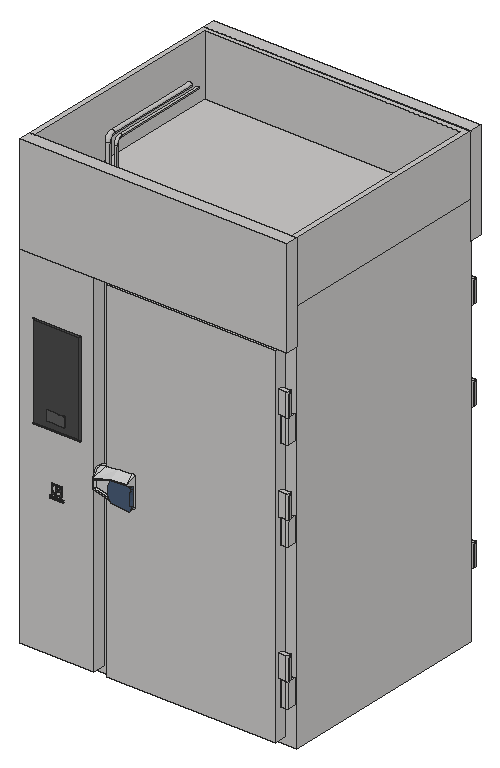
Revit family "QF_ELECTROLUXPROFESSIONAL_727749_EBFA22RPE", category Specialty Equipment, Revit 2018
Family settings
  Round Connector Dimension = Use Radius
  Part Type = Normal
  Work Plane-Based = No
  Always vertical = Yes
  Cut with Voids When Loaded = No
  Shared = Yes
  Room Calculation Point = No
Parameters
  Weight = 0.00 kg
  Watts = 0 W
  Volts = 380 V
  URL Manufacturer = "http://professional.electrolux.com"
  URL = "http://professional.electrolux.com"
  Steam Supply Size = 0"
  Steam Supply Minimum Pressure = 0.00 psi
  Steam Supply Maximum Pressure = 0.00 psi
  Steam Pounds per Hour = 0
  Show Logo [instance] = yes
  Refrigeration Suction Line Size = 0"
  Refrigeration Liquid Line Size = 0"
  Refrigerant Compressor Remote = yes
  Phase = 3
  Model = "EBFA22RPE"
  Manufacturer = "Electrolux"
  Length Actual = 1400 mm  # constant formula
  Item Number = "727749"
  Hot Water Size = 0"
  Height Actual = 2270 mm  # constant formula
  HP = "8.6 HP"
  Gas Size = 0"
  Gas KW = 0
  Gas Input Pressure = 0.0 Btu/h
  Direct Waste Size = 3/4"
  Description = "SKYLINE CHILLS BLAST CHILLER FREEZER 200/170KG 20 GN 2/1 - PASS-THROUGH - REMOTE REFRIGERATING UNIT - R452A"
  Depth Actual = 1395 mm  # constant formula
  Cycle = 60 Hz
  Condensate Return Size = 0"
  Compressed Air Volume = 0 GPM
  Compressed Air Size = 0"
  Compressed Air Pressure = 0.00 psi
  Cold Water Size = 0"
  Assembly Code = ""
  Show Clearance [instance] = yes
  Accessory = yes
Reference planes
  plane 1: z = 0
  plane 2 "LEFT": x = 0
  plane 3 "RIGHT": x = 1400
  plane 4 "FRONT": y = -1205
  plane 5 "TOP": z = 2400
  plane 6 "Center Y": x = 700
  plane 7: y = -2155
  plane 8 "BACK": y = 67
  plane 9: y = -569
Forms (mm)
  Extrusion 1, solid, material "QF_Clearance", visible <- "Show Clearance", detail levels coarse
    sketch origin (0, 0, -70) x (1, 0, 0) y (0, 1, 0)
      loop
        line (0, -1205) -> (0, 67) -> (-100, 67) -> (-100, -1205) -> (0, -1205)
      loop
        line (1500, -1205) -> (1500, 67) -> (1400, 67) -> (1400, -1205) -> (1500, -1205)
    from 70 to 2670
  Extrusion 2, solid, material "QF_Finishes_Stainless Steel"
    sketch origin (349.253, 33, 630.991) x (-1, 0, 0) y (0, -1, 0)
      loop
        line (349.253, 1172.759) -> (349.253, 1238) -> (-39.747, 1238) -> (-39.747, 1172.759) -> (349.253, 1172.759)
    from -597 to 1254
  Extrusion 3, solid, material "QF_Finishes_Stainless Steel"
    sketch origin (596.16, 27.971, -70) x (1, 0, 0) y (0, 1, 0)
      loop
        line (743.84, -1172.971) -> (-141.16, -1172.971) -> (-141.16, -1232.971) -> (743.84, -1232.971) -> (743.84, -1172.971)
    from 103.991 to 1945.25
  Extrusion 4, solid, material "QF_Door-Drawer Clearances", visible <- "Show Clearance", detail levels coarse
    sketch origin (875, -72.029, -91.802) x (-1, 0, 0) y (0, -1, 0)
      loop
        line (-465, 2025.971) -> (-465, 1132.971) -> (420, 1132.971)
        arc (420, 1132.971) -> (153.836, 1754.227) -> (-465, 2025.971) r 920
    from 125.793 to 1967.052
  Extrusion 5, solid, material "QF_Finishes_Stainless Steel"
    sketch origin (0, -1139.759, 0) x (0, 1, 0) y (-1, 0, 0)
      loop
        line (1140.759, 0) -> (0.759, 0) -> (0.759, -1400) -> (1140.759, -1400) -> (1140.759, 0)
    from 0 to 2080
  Extrusion 6, solid, material "QF_Finishes_Stainless Steel"
    sketch origin (0, 0, -70) x (0, 1, 0) y (0, 0, 1)
      loop
        line (-1139, 2470) -> (-1205, 2470) -> (-1205, 1956) -> (-1139, 1956) -> (-1139, 2470)
    from 0 to 1400
  Extrusion 7, solid, material "QF_Finishes_Stainless Steel"
    sketch origin (0, -1139.759, 2080) x (0, 1, 0) y (-1, 0, 0)
      loop
        line (1140.759, 0) -> (0.759, 0) -> (0.759, -27.807) -> (1112.952, -27.807) -> (1112.952, -1372.193) -> (0.759, -1372.193) -> (0.759, -1400) -> (1140.759, -1400) -> (1140.759, 0)
    from 0 to 320
  Extrusion 8, solid, material "QF_Clearance", visible <- "Show Clearance", detail levels coarse
    sketch origin (0, 0, 2400) x (-1, 0, 0) y (0, -1, 0)
      loop
        line (0, 1205) -> (-1400, 1205) -> (-1400, -67.029) -> (0, -67.029) -> (0, 1205)
    from 0 to 200
  Extrusion 9, solid, material "QF_Finishes_Stainless Steel"
    sketch origin (-390.239, -0.977, 1172.559) x (1, 0, 0) y (0, 1, 0)
      loop
        line (1730.239, -1159.557) -> (1730.239, -1186.759) -> (1771.078, -1186.759)
        arc (1771.078, -1186.759) -> (1778.149, -1183.83) -> (1781.078, -1176.759) r 10
        line (1781.078, -1176.759) -> (1781.078, -1169.557)
        arc (1781.078, -1169.557) -> (1778.149, -1162.486) -> (1771.078, -1159.557) r 10
        line (1771.078, -1159.557) -> (1730.239, -1159.557)
    from 398 to 516
  Extrusion 10, solid, material "QF_Finishes_Stainless Steel"
    sketch origin (-388.989, -0.977, 1172.559) x (1, 0, 0) y (0, 1, 0)
      loop
        line (1779.828, -1138.023) -> (1738.215, -1138.023) -> (1738.215, -1176.759)
        arc (1738.215, -1176.759) -> (1741.143, -1183.83) -> (1748.215, -1186.759) r 10
        line (1748.215, -1186.759) -> (1769.828, -1186.759)
        arc (1769.828, -1186.759) -> (1776.899, -1183.83) -> (1779.828, -1176.759) r 10
        line (1779.828, -1176.759) -> (1779.828, -1138.023)
    from 269 to 396
  Extrusion 11, solid, material "QF_Finishes_Handrails and Railings"
    sketch origin (0, -1205, -139.705) x (-1, 0, 0) y (0, 0, 1)
      loop
        arc (-455, 1022.346) -> (-433.392, 1027.289) -> (-413, 1035.976) r 124.815
        arc (-413, 1035.976) -> (-402.037, 1046.425) -> (-398, 1061.023) r 28.412
        line (-398, 1061.023) -> (-398, 1124.287)
        arc (-398, 1124.287) -> (-402.037, 1138.885) -> (-413, 1149.334) r 28.412
        arc (-413, 1149.334) -> (-433.392, 1158.021) -> (-455, 1162.964) r 124.815
        line (-455, 1162.964) -> (-455, 1022.346)
    from 0 to 25
  Extrusion 12, solid, material "QF_Finishes_Stainless Steel"
    sketch origin (0, 67, 2400) x (0, 0, -1) y (-1, 0, 0)
      loop
        circle (190.294, -50.191) r 10
    from -2 to 0
  Extrusion 13, solid
    sketch origin (0, 0, -70) x (1, 0, 0) y (0, 1, 0)
      loop
        circle (271, -895) r 12.7
    from 180 to 190
  Sweep 14, solid, material "QF_Finishes_Stainless Steel"
    path in 3D
      loop
        line (196, -872.727, 2090) -> (196, -872.727, 2314.785)
        arc (196, -872.727, 2314.785) -> (196, -863.94, 2335.999) -> (196, -842.727, 2344.785) r 30
        line (196, -842.727, 2344.785) -> (196, -337, 2344.785)
    profile origin (196, -589.864, 2344.785) x (-1, 0, 0) y (0, 0, 1)
      loop
        circle (0, -0.785) r 11
  Sweep 15, solid, material "QF_Finishes_Stainless Steel"
    path in 3D
      loop
        line (239, -337, 2344) -> (239, -842.727, 2344)
        arc (239, -842.727, 2344) -> (239, -863.94, 2335.213) -> (239, -872.727, 2314) r 30
        line (239, -872.727, 2314) -> (239, -872.727, 2090)
    profile origin (239, -589.864, 2344) x (1, 0, 0) y (0, 0, 1)
      loop
        circle (0, 0) r 6
  Extrusion 16, solid, material "QF_Finishes_Stainless Steel"
    sketch origin (0, -1139.759, 2080) x (0, 1, 0) y (-1, 0, 0)
      loop
        line (272.791, -163.68) -> (262.791, -163.68)
        arc (262.791, -163.68) -> (252.185, -168.074) -> (247.791, -178.68) r 15
        line (247.791, -178.68) -> (247.791, -270.358)
        arc (247.791, -270.358) -> (252.185, -280.965) -> (262.791, -285.358) r 15
        line (262.791, -285.358) -> (272.791, -285.358)
        arc (272.791, -285.358) -> (283.398, -280.965) -> (287.791, -270.358) r 15
        line (287.791, -270.358) -> (287.791, -178.68)
        arc (287.791, -178.68) -> (283.398, -168.074) -> (272.791, -163.68) r 15
    from 0 to 10
  Blend 17, solid, material "QF_Finishes_Handrails and Railings"
    base sketch origin (0, -1205, -139.705) x (1, 0, 0) y (0, 0, 1)
      loop
        arc (455, 1162.964) -> (433.392, 1158.021) -> (413, 1149.334) r 124.815
        arc (413, 1149.334) -> (402.037, 1138.885) -> (398, 1124.287) r 28.412
        line (398, 1124.287) -> (398, 1061.023)
        arc (398, 1061.023) -> (402.037, 1046.425) -> (413, 1035.976) r 28.412
        arc (413, 1035.976) -> (433.392, 1027.289) -> (455, 1022.346) r 124.815
        arc (455, 1022.346) -> (524.77, 1014.896) -> (594.859, 1011.587) r 1185.63
        arc (594.859, 1011.587) -> (600.607, 1013.879) -> (603, 1019.586) r 8
        line (603, 1019.586) -> (603, 1165.724)
        arc (603, 1165.724) -> (600.607, 1171.431) -> (594.859, 1173.723) r 8
        arc (594.859, 1173.723) -> (524.77, 1170.414) -> (455, 1162.964) r 1185.63
    top sketch origin (0, -1205, -139.705) x (1, 0, 0) y (0, 0, 1)
      loop
        line (421, 1108.337) -> (421, 1076.973)
        arc (421, 1076.973) -> (423.295, 1069.915) -> (429.302, 1065.557) r 12
        arc (429.302, 1065.557) -> (515.086, 1044.22) -> (603, 1034.974) r 636.459
        line (603, 1034.974) -> (603, 1150.336)
        arc (603, 1150.336) -> (515.086, 1141.09) -> (429.302, 1119.753) r 636.459
        arc (429.302, 1119.753) -> (423.295, 1115.395) -> (421, 1108.337) r 12
    from 0 to 50
  Blend 18, void
    base sketch origin (0, -1255, -139.705) x (-1, 0, 0) y (0, 0, 1)
      loop
        arc (-430.843, 1114.996) -> (-515.866, 1136.151) -> (-603, 1145.333) r 631.459
        line (-603, 1145.333) -> (-603, 1039.977)
        arc (-603, 1039.977) -> (-515.866, 1049.159) -> (-430.843, 1070.314) r 631.459
        arc (-430.843, 1070.314) -> (-427.339, 1072.856) -> (-426, 1076.973) r 7
        line (-426, 1076.973) -> (-426, 1108.337)
        arc (-426, 1108.337) -> (-427.339, 1112.454) -> (-430.843, 1114.996) r 7
    top sketch origin (0, -1255, -139.705) x (-1, 0, 0) y (0, 0, 1)
      loop
        arc (-432.384, 1110.24) -> (-516.647, 1131.211) -> (-603, 1140.33) r 626.459
        line (-603, 1140.33) -> (-603, 1044.98)
        arc (-603, 1044.98) -> (-516.647, 1054.099) -> (-432.384, 1075.07) r 626.459
        arc (-432.384, 1075.07) -> (-431.382, 1075.797) -> (-431, 1076.973) r 2
        line (-431, 1076.973) -> (-431, 1108.337)
        arc (-431, 1108.337) -> (-431.382, 1109.513) -> (-432.384, 1110.24) r 2
    from 0 to 10
  Blend 19, solid, material "QF_Finishes_Electrolux_Blue"
    base sketch origin (0, -1245, -139.705) x (1, 0, 0) y (0, 0, 1)
      loop
        arc (628.567, 1043.419) -> (622.014, 1092.655) -> (628.567, 1141.89) r 188.232
        arc (628.567, 1141.89) -> (627.358, 1147.991) -> (621.77, 1150.721) r 7
        arc (621.77, 1150.721) -> (572.304, 1148.509) -> (523.16, 1142.458) r 636.459
        arc (523.16, 1142.458) -> (507.711, 1092.655) -> (523.16, 1042.852) r 88
        arc (523.16, 1042.852) -> (572.304, 1036.801) -> (621.77, 1034.589) r 636.459
        arc (621.77, 1034.589) -> (627.358, 1037.319) -> (628.567, 1043.419) r 7
    top sketch origin (0, -1245, -139.705) x (1, 0, 0) y (0, 0, 1)
      loop
        arc (626.748, 1050.703) -> (622.014, 1092.655) -> (626.748, 1134.607) r 188.232
        arc (626.748, 1134.607) -> (625.775, 1138.85) -> (621.845, 1140.722) r 5
        arc (621.845, 1140.722) -> (569.023, 1138.185) -> (516.603, 1131.203) r 626.459
        arc (516.603, 1131.203) -> (507.711, 1092.655) -> (516.603, 1054.107) r 88
        arc (516.603, 1054.107) -> (569.023, 1047.124) -> (621.845, 1044.588) r 626.459
        arc (621.845, 1044.588) -> (625.775, 1046.46) -> (626.748, 1050.703) r 5
    from 20 to 0
  Extrusion 20, solid, material "QF_Finishes_Stainless Steel"
    sketch origin (-390.239, -0.977, 692.559) x (1, 0, 0) y (0, 1, 0)
      loop
        line (1730.239, -1159.557) -> (1730.239, -1186.759) -> (1771.078, -1186.759)
        arc (1771.078, -1186.759) -> (1778.149, -1183.83) -> (1781.078, -1176.759) r 10
        line (1781.078, -1176.759) -> (1781.078, -1169.557)
        arc (1781.078, -1169.557) -> (1778.149, -1162.486) -> (1771.078, -1159.557) r 10
        line (1771.078, -1159.557) -> (1730.239, -1159.557)
    from 398 to 516
  Extrusion 21, solid, material "QF_Finishes_Stainless Steel"
    sketch origin (-388.989, -0.977, 692.559) x (1, 0, 0) y (0, 1, 0)
      loop
        line (1779.828, -1138.023) -> (1738.215, -1138.023) -> (1738.215, -1176.759)
        arc (1738.215, -1176.759) -> (1741.143, -1183.83) -> (1748.215, -1186.759) r 10
        line (1748.215, -1186.759) -> (1769.828, -1186.759)
        arc (1769.828, -1186.759) -> (1776.899, -1183.83) -> (1779.828, -1176.759) r 10
        line (1779.828, -1176.759) -> (1779.828, -1138.023)
    from 269 to 396
  Extrusion 22, solid, material "QF_Finishes_Stainless Steel"
    sketch origin (-390.239, -0.977, -67.441) x (1, 0, 0) y (0, 1, 0)
      loop
        line (1730.239, -1159.557) -> (1730.239, -1186.759) -> (1771.078, -1186.759)
        arc (1771.078, -1186.759) -> (1778.149, -1183.83) -> (1781.078, -1176.759) r 10
        line (1781.078, -1176.759) -> (1781.078, -1169.557)
        arc (1781.078, -1169.557) -> (1778.149, -1162.486) -> (1771.078, -1159.557) r 10
        line (1771.078, -1159.557) -> (1730.239, -1159.557)
    from 398 to 516
  Extrusion 23, solid, material "QF_Finishes_Stainless Steel"
    sketch origin (-388.989, -0.977, -67.441) x (1, 0, 0) y (0, 1, 0)
      loop
        line (1779.828, -1138.023) -> (1738.215, -1138.023) -> (1738.215, -1176.759)
        arc (1738.215, -1176.759) -> (1741.143, -1183.83) -> (1748.215, -1186.759) r 10
        line (1748.215, -1186.759) -> (1769.828, -1186.759)
        arc (1769.828, -1186.759) -> (1776.899, -1183.83) -> (1779.828, -1176.759) r 10
        line (1779.828, -1176.759) -> (1779.828, -1138.023)
    from 269 to 396
  Extrusion 24, solid, material "QF_Door-Drawer Clearances", visible <- "Show Clearance", detail levels coarse
    sketch origin (167.029, -1956.84, -70) x (0, 1, 0) y (-1, 0, 0)
      loop
        line (751.84, -1172.971) -> (-141.16, -1172.971) -> (-141.16, -1232.971) -> (751.84, -1232.971) -> (751.84, -1172.971)
    from 103.991 to 1945.25
  Extrusion 25, solid, material "QF_Door-Drawer Clearances", visible <- "Show Clearance", detail levels coarse
    sketch origin (1400, -2553, -139.705) x (0, -1, 0) y (0, 0, 1)
      loop
        arc (-455, 1022.346) -> (-433.392, 1027.289) -> (-413, 1035.976) r 124.815
        arc (-413, 1035.976) -> (-402.037, 1046.425) -> (-398, 1061.023) r 28.412
        line (-398, 1061.023) -> (-398, 1124.287)
        arc (-398, 1124.287) -> (-402.037, 1138.885) -> (-413, 1149.334) r 28.412
        arc (-413, 1149.334) -> (-433.392, 1158.021) -> (-455, 1162.964) r 124.815
        line (-455, 1162.964) -> (-455, 1022.346)
    from 0 to 25
  Blend 26, solid, material "QF_Door-Drawer Clearances", visible <- "Show Clearance", detail levels coarse
    base sketch origin (1400, -2553, -139.705) x (0, 1, 0) y (0, 0, 1)
      loop
        arc (455, 1162.964) -> (433.392, 1158.021) -> (413, 1149.334) r 124.815
        arc (413, 1149.334) -> (402.037, 1138.885) -> (398, 1124.287) r 28.412
        line (398, 1124.287) -> (398, 1061.023)
        arc (398, 1061.023) -> (402.037, 1046.425) -> (413, 1035.976) r 28.412
        arc (413, 1035.976) -> (433.392, 1027.289) -> (455, 1022.346) r 124.815
        arc (455, 1022.346) -> (524.77, 1014.896) -> (594.859, 1011.587) r 1185.63
        arc (594.859, 1011.587) -> (600.607, 1013.879) -> (603, 1019.586) r 8
        line (603, 1019.586) -> (603, 1165.724)
        arc (603, 1165.724) -> (600.607, 1171.431) -> (594.859, 1173.723) r 8
        arc (594.859, 1173.723) -> (524.77, 1170.414) -> (455, 1162.964) r 1185.63
    top sketch origin (1400, -2553, -139.705) x (0, 1, 0) y (0, 0, 1)
      loop
        line (421, 1108.337) -> (421, 1076.973)
        arc (421, 1076.973) -> (423.295, 1069.915) -> (429.302, 1065.557) r 12
        arc (429.302, 1065.557) -> (515.086, 1044.22) -> (603, 1034.974) r 636.459
        line (603, 1034.974) -> (603, 1150.336)
        arc (603, 1150.336) -> (515.086, 1141.09) -> (429.302, 1119.753) r 636.459
        arc (429.302, 1119.753) -> (423.295, 1115.395) -> (421, 1108.337) r 12
    from 0 to 50
  Blend 27, void
    base sketch origin (1450, -2553, -139.705) x (0, -1, 0) y (0, 0, 1)
      loop
        arc (-430.843, 1114.996) -> (-515.866, 1136.151) -> (-603, 1145.333) r 631.459
        line (-603, 1145.333) -> (-603, 1039.977)
        arc (-603, 1039.977) -> (-515.866, 1049.159) -> (-430.843, 1070.314) r 631.459
        arc (-430.843, 1070.314) -> (-427.339, 1072.856) -> (-426, 1076.973) r 7
        line (-426, 1076.973) -> (-426, 1108.337)
        arc (-426, 1108.337) -> (-427.339, 1112.454) -> (-430.843, 1114.996) r 7
    top sketch origin (1450, -2553, -139.705) x (0, -1, 0) y (0, 0, 1)
      loop
        arc (-432.384, 1110.24) -> (-516.647, 1131.211) -> (-603, 1140.33) r 626.459
        line (-603, 1140.33) -> (-603, 1044.98)
        arc (-603, 1044.98) -> (-516.647, 1054.099) -> (-432.384, 1075.07) r 626.459
        arc (-432.384, 1075.07) -> (-431.382, 1075.797) -> (-431, 1076.973) r 2
        line (-431, 1076.973) -> (-431, 1108.337)
        arc (-431, 1108.337) -> (-431.382, 1109.513) -> (-432.384, 1110.24) r 2
    from 0 to 10
  Blend 28, solid, material "QF_Door-Drawer Clearances", visible <- "Show Clearance", detail levels coarse
    base sketch origin (1440, -2553, -139.705) x (0, 1, 0) y (0, 0, 1)
      loop
        arc (628.567, 1043.419) -> (622.014, 1092.655) -> (628.567, 1141.89) r 188.232
        arc (628.567, 1141.89) -> (627.358, 1147.991) -> (621.77, 1150.721) r 7
        arc (621.77, 1150.721) -> (572.304, 1148.509) -> (523.16, 1142.458) r 636.459
        arc (523.16, 1142.458) -> (507.711, 1092.655) -> (523.16, 1042.852) r 88
        arc (523.16, 1042.852) -> (572.304, 1036.801) -> (621.77, 1034.589) r 636.459
        arc (621.77, 1034.589) -> (627.358, 1037.319) -> (628.567, 1043.419) r 7
    top sketch origin (1440, -2553, -139.705) x (0, 1, 0) y (0, 0, 1)
      loop
        arc (626.748, 1050.703) -> (622.014, 1092.655) -> (626.748, 1134.607) r 188.232
        arc (626.748, 1134.607) -> (625.775, 1138.85) -> (621.845, 1140.722) r 5
        arc (621.845, 1140.722) -> (569.023, 1138.185) -> (516.603, 1131.203) r 626.459
        arc (516.603, 1131.203) -> (507.711, 1092.655) -> (516.603, 1054.107) r 88
        arc (516.603, 1054.107) -> (569.023, 1047.124) -> (621.845, 1044.588) r 626.459
        arc (621.845, 1044.588) -> (625.775, 1046.46) -> (626.748, 1050.703) r 5
    from 20 to -1
  Extrusion 29, solid, material "QF_Finishes_Stainless Steel"
    sketch origin (349.253, -1171, 630.991) x (-1, 0, 0) y (0, -1, 0)
      loop
        line (349.253, -1172.759) -> (-39.747, -1172.759) -> (-39.747, -1238) -> (349.253, -1238) -> (349.253, -1172.759)
    from -597 to 1254
  Extrusion 30, solid, material "QF_Finishes_Stainless Steel"
    sketch origin (596.16, -1165.971, -70) x (1, 0, 0) y (0, 1, 0)
      loop
        line (743.84, 1172.971) -> (743.84, 1232.971) -> (-141.16, 1232.971) -> (-141.16, 1172.971) -> (743.84, 1172.971)
    from 103.991 to 1945.25
  Extrusion 31, solid, material "QF_Door-Drawer Clearances", visible <- "Show Clearance", detail levels coarse
    sketch origin (875, -1065.971, -91.802) x (-1, 0, 0) y (0, -1, 0)
      loop
        arc (-465, -2025.971) -> (153.836, -1754.227) -> (420, -1132.971) r 920
        line (420, -1132.971) -> (-465, -1132.971) -> (-465, -2025.971)
    from 125.793 to 1967.052
  Extrusion 32, solid, material "QF_Finishes_Stainless Steel"
    sketch origin (0, -1138, -70) x (0, -1, 0) y (0, 0, -1)
      loop
        line (-1139, -2470) -> (-1139, -1956) -> (-1205, -1956) -> (-1205, -2470) -> (-1139, -2470)
    from 0 to 1400
  Extrusion 33, solid, material "QF_Finishes_Stainless Steel"
    sketch origin (-390.239, -1137.023, 1172.559) x (1, 0, 0) y (0, 1, 0)
      loop
        line (1730.239, 1159.557) -> (1771.078, 1159.557)
        arc (1771.078, 1159.557) -> (1778.149, 1162.486) -> (1781.078, 1169.557) r 10
        line (1781.078, 1169.557) -> (1781.078, 1176.759)
        arc (1781.078, 1176.759) -> (1778.149, 1183.83) -> (1771.078, 1186.759) r 10
        line (1771.078, 1186.759) -> (1730.239, 1186.759) -> (1730.239, 1159.557)
    from 398 to 516
  Extrusion 34, solid, material "QF_Finishes_Handrails and Railings"
    sketch origin (0, 67, -139.705) x (-1, 0, 0) y (0, 0, -1)
      loop
        line (-455, -1022.346) -> (-455, -1162.964)
        arc (-455, -1162.964) -> (-433.392, -1158.021) -> (-413, -1149.334) r 124.815
        arc (-413, -1149.334) -> (-402.037, -1138.885) -> (-398, -1124.287) r 28.412
        line (-398, -1124.287) -> (-398, -1061.023)
        arc (-398, -1061.023) -> (-402.037, -1046.425) -> (-413, -1035.976) r 28.412
        arc (-413, -1035.976) -> (-433.392, -1027.289) -> (-455, -1022.346) r 124.815
    from 0 to 25
  Blend 35, solid, material "QF_Finishes_Handrails and Railings"
    base sketch origin (0, 67, -139.705) x (1, 0, 0) y (0, 0, -1)
      loop
        arc (455, -1162.964) -> (524.77, -1170.414) -> (594.859, -1173.723) r 1185.63
        arc (594.859, -1173.723) -> (600.607, -1171.431) -> (603, -1165.724) r 8
        line (603, -1165.724) -> (603, -1019.586)
        arc (603, -1019.586) -> (600.607, -1013.879) -> (594.859, -1011.587) r 8
        arc (594.859, -1011.587) -> (524.77, -1014.896) -> (455, -1022.346) r 1185.63
        arc (455, -1022.346) -> (433.392, -1027.289) -> (413, -1035.976) r 124.815
        arc (413, -1035.976) -> (402.037, -1046.425) -> (398, -1061.023) r 28.412
        line (398, -1061.023) -> (398, -1124.287)
        arc (398, -1124.287) -> (402.037, -1138.885) -> (413, -1149.334) r 28.412
        arc (413, -1149.334) -> (433.392, -1158.021) -> (455, -1162.964) r 124.815
    top sketch origin (0, 67, -139.705) x (1, 0, 0) y (0, 0, -1)
      loop
        arc (421, -1108.337) -> (423.295, -1115.395) -> (429.302, -1119.753) r 12
        arc (429.302, -1119.753) -> (515.086, -1141.09) -> (603, -1150.336) r 636.459
        line (603, -1150.336) -> (603, -1034.974)
        arc (603, -1034.974) -> (515.086, -1044.22) -> (429.302, -1065.557) r 636.459
        arc (429.302, -1065.557) -> (423.295, -1069.915) -> (421, -1076.973) r 12
        line (421, -1076.973) -> (421, -1108.337)
    from 0 to 50
  Blend 36, void
    base sketch origin (0, 117, -139.705) x (-1, 0, 0) y (0, 0, -1)
      loop
        arc (-430.843, -1114.996) -> (-427.339, -1112.454) -> (-426, -1108.337) r 7
        line (-426, -1108.337) -> (-426, -1076.973)
        arc (-426, -1076.973) -> (-427.339, -1072.856) -> (-430.843, -1070.314) r 7
        arc (-430.843, -1070.314) -> (-515.866, -1049.159) -> (-603, -1039.977) r 631.459
        line (-603, -1039.977) -> (-603, -1145.333)
        arc (-603, -1145.333) -> (-515.866, -1136.151) -> (-430.843, -1114.996) r 631.459
    top sketch origin (0, 117, -139.705) x (-1, 0, 0) y (0, 0, -1)
      loop
        arc (-432.384, -1110.24) -> (-431.382, -1109.513) -> (-431, -1108.337) r 2
        line (-431, -1108.337) -> (-431, -1076.973)
        arc (-431, -1076.973) -> (-431.382, -1075.797) -> (-432.384, -1075.07) r 2
        arc (-432.384, -1075.07) -> (-516.647, -1054.099) -> (-603, -1044.98) r 626.459
        line (-603, -1044.98) -> (-603, -1140.33)
        arc (-603, -1140.33) -> (-516.647, -1131.211) -> (-432.384, -1110.24) r 626.459
    from 0 to 10
  Blend 37, solid, material "QF_Finishes_Electrolux_Blue"
    base sketch origin (0, 107, -139.705) x (1, 0, 0) y (0, 0, -1)
      loop
        arc (628.567, -1043.419) -> (627.358, -1037.319) -> (621.77, -1034.589) r 7
        arc (621.77, -1034.589) -> (572.304, -1036.801) -> (523.16, -1042.852) r 636.459
        arc (523.16, -1042.852) -> (507.711, -1092.655) -> (523.16, -1142.458) r 88
        arc (523.16, -1142.458) -> (572.304, -1148.509) -> (621.77, -1150.721) r 636.459
        arc (621.77, -1150.721) -> (627.358, -1147.991) -> (628.567, -1141.89) r 7
        arc (628.567, -1141.89) -> (622.014, -1092.655) -> (628.567, -1043.419) r 188.232
    top sketch origin (0, 107, -139.705) x (1, 0, 0) y (0, 0, -1)
      loop
        arc (626.748, -1050.703) -> (625.775, -1046.46) -> (621.845, -1044.588) r 5
        arc (621.845, -1044.588) -> (569.023, -1047.124) -> (516.603, -1054.107) r 626.459
        arc (516.603, -1054.107) -> (507.711, -1092.655) -> (516.603, -1131.203) r 88
        arc (516.603, -1131.203) -> (569.023, -1138.185) -> (621.845, -1140.722) r 626.459
        arc (621.845, -1140.722) -> (625.775, -1138.85) -> (626.748, -1134.607) r 5
        arc (626.748, -1134.607) -> (622.014, -1092.655) -> (626.748, -1050.703) r 188.232
    from 20 to 0
  Extrusion 38, solid, material "QF_Finishes_Stainless Steel"
    sketch origin (-390.239, -1137.023, 692.559) x (1, 0, 0) y (0, 1, 0)
      loop
        line (1730.239, 1159.557) -> (1771.078, 1159.557)
        arc (1771.078, 1159.557) -> (1778.149, 1162.486) -> (1781.078, 1169.557) r 10
        line (1781.078, 1169.557) -> (1781.078, 1176.759)
        arc (1781.078, 1176.759) -> (1778.149, 1183.83) -> (1771.078, 1186.759) r 10
        line (1771.078, 1186.759) -> (1730.239, 1186.759) -> (1730.239, 1159.557)
    from 398 to 516
  Extrusion 39, solid, material "QF_Finishes_Stainless Steel"
    sketch origin (-390.239, -1137.023, -67.441) x (1, 0, 0) y (0, 1, 0)
      loop
        line (1730.239, 1159.557) -> (1771.078, 1159.557)
        arc (1771.078, 1159.557) -> (1778.149, 1162.486) -> (1781.078, 1169.557) r 10
        line (1781.078, 1169.557) -> (1781.078, 1176.759)
        arc (1781.078, 1176.759) -> (1778.149, 1183.83) -> (1771.078, 1186.759) r 10
        line (1771.078, 1186.759) -> (1730.239, 1186.759) -> (1730.239, 1159.557)
    from 398 to 516
  Extrusion 40, solid, material "QF_Door-Drawer Clearances", visible <- "Show Clearance", detail levels coarse
    sketch origin (167.029, 818.84, -70) x (0, -1, 0) y (1, 0, 0)
      loop
        line (751.84, 1172.971) -> (751.84, 1232.971) -> (-141.16, 1232.971) -> (-141.16, 1172.971) -> (751.84, 1172.971)
    from 103.991 to 1945.25
  Extrusion 41, solid, material "QF_Door-Drawer Clearances", visible <- "Show Clearance", detail levels coarse
    sketch origin (1400, 1415, -139.705) x (0, 1, 0) y (0, 0, -1)
      loop
        line (-455, -1022.346) -> (-455, -1162.964)
        arc (-455, -1162.964) -> (-433.392, -1158.021) -> (-413, -1149.334) r 124.815
        arc (-413, -1149.334) -> (-402.037, -1138.885) -> (-398, -1124.287) r 28.412
        line (-398, -1124.287) -> (-398, -1061.023)
        arc (-398, -1061.023) -> (-402.037, -1046.425) -> (-413, -1035.976) r 28.412
        arc (-413, -1035.976) -> (-433.392, -1027.289) -> (-455, -1022.346) r 124.815
    from 0 to 25
  Blend 42, solid, material "QF_Door-Drawer Clearances", visible <- "Show Clearance", detail levels coarse
    base sketch origin (1400, 1415, -139.705) x (0, -1, 0) y (0, 0, -1)
      loop
        arc (455, -1162.964) -> (524.77, -1170.414) -> (594.859, -1173.723) r 1185.63
        arc (594.859, -1173.723) -> (600.607, -1171.431) -> (603, -1165.724) r 8
        line (603, -1165.724) -> (603, -1019.586)
        arc (603, -1019.586) -> (600.607, -1013.879) -> (594.859, -1011.587) r 8
        arc (594.859, -1011.587) -> (524.77, -1014.896) -> (455, -1022.346) r 1185.63
        arc (455, -1022.346) -> (433.392, -1027.289) -> (413, -1035.976) r 124.815
        arc (413, -1035.976) -> (402.037, -1046.425) -> (398, -1061.023) r 28.412
        line (398, -1061.023) -> (398, -1124.287)
        arc (398, -1124.287) -> (402.037, -1138.885) -> (413, -1149.334) r 28.412
        arc (413, -1149.334) -> (433.392, -1158.021) -> (455, -1162.964) r 124.815
    top sketch origin (1400, 1415, -139.705) x (0, -1, 0) y (0, 0, -1)
      loop
        arc (421, -1108.337) -> (423.295, -1115.395) -> (429.302, -1119.753) r 12
        arc (429.302, -1119.753) -> (515.086, -1141.09) -> (603, -1150.336) r 636.459
        line (603, -1150.336) -> (603, -1034.974)
        arc (603, -1034.974) -> (515.086, -1044.22) -> (429.302, -1065.557) r 636.459
        arc (429.302, -1065.557) -> (423.295, -1069.915) -> (421, -1076.973) r 12
        line (421, -1076.973) -> (421, -1108.337)
    from 0 to 50
  Blend 43, void
    base sketch origin (1450, 1415, -139.705) x (0, 1, 0) y (0, 0, -1)
      loop
        arc (-430.843, -1114.996) -> (-427.339, -1112.454) -> (-426, -1108.337) r 7
        line (-426, -1108.337) -> (-426, -1076.973)
        arc (-426, -1076.973) -> (-427.339, -1072.856) -> (-430.843, -1070.314) r 7
        arc (-430.843, -1070.314) -> (-515.866, -1049.159) -> (-603, -1039.977) r 631.459
        line (-603, -1039.977) -> (-603, -1145.333)
        arc (-603, -1145.333) -> (-515.866, -1136.151) -> (-430.843, -1114.996) r 631.459
    top sketch origin (1450, 1415, -139.705) x (0, 1, 0) y (0, 0, -1)
      loop
        arc (-432.384, -1110.24) -> (-431.382, -1109.513) -> (-431, -1108.337) r 2
        line (-431, -1108.337) -> (-431, -1076.973)
        arc (-431, -1076.973) -> (-431.382, -1075.797) -> (-432.384, -1075.07) r 2
        arc (-432.384, -1075.07) -> (-516.647, -1054.099) -> (-603, -1044.98) r 626.459
        line (-603, -1044.98) -> (-603, -1140.33)
        arc (-603, -1140.33) -> (-516.647, -1131.211) -> (-432.384, -1110.24) r 626.459
    from 0 to 10
  Blend 44, solid, material "QF_Door-Drawer Clearances", visible <- "Show Clearance", detail levels coarse
    base sketch origin (1440, 1415, -139.705) x (0, -1, 0) y (0, 0, -1)
      loop
        arc (628.567, -1043.419) -> (627.358, -1037.319) -> (621.77, -1034.589) r 7
        arc (621.77, -1034.589) -> (572.304, -1036.801) -> (523.16, -1042.852) r 636.459
        arc (523.16, -1042.852) -> (507.711, -1092.655) -> (523.16, -1142.458) r 88
        arc (523.16, -1142.458) -> (572.304, -1148.509) -> (621.77, -1150.721) r 636.459
        arc (621.77, -1150.721) -> (627.358, -1147.991) -> (628.567, -1141.89) r 7
        arc (628.567, -1141.89) -> (622.014, -1092.655) -> (628.567, -1043.419) r 188.232
    top sketch origin (1440, 1415, -139.705) x (0, -1, 0) y (0, 0, -1)
      loop
        arc (626.748, -1050.703) -> (625.775, -1046.46) -> (621.845, -1044.588) r 5
        arc (621.845, -1044.588) -> (569.023, -1047.124) -> (516.603, -1054.107) r 626.459
        arc (516.603, -1054.107) -> (507.711, -1092.655) -> (516.603, -1131.203) r 88
        arc (516.603, -1131.203) -> (569.023, -1138.185) -> (621.845, -1140.722) r 626.459
        arc (621.845, -1140.722) -> (625.775, -1138.85) -> (626.748, -1134.607) r 5
        arc (626.748, -1134.607) -> (622.014, -1092.655) -> (626.748, -1050.703) r 188.232
    from 20 to -1
Cuts and joins
  Blend 36 cuts Extrusion 11
  Blend 18, Blend 36 cuts Blend 17
  joined: Extrusion 11, Blend 17
  Blend 18, Blend 36, Blend 43 cuts Extrusion 4
  Blend 36, Blend 43 cuts Extrusion 24
  Blend 36, Blend 43 cuts Extrusion 25
  Blend 27, Blend 36, Blend 43 cuts Blend 26
  Blend 27, Blend 36, Blend 43 cuts Blend 28
  joined: Extrusion 4, Extrusion 24, Extrusion 25, Blend 26, Blend 28
  joined: Extrusion 7, Extrusion 12
  joined: Extrusion 5, Extrusion 10, Sweep 14, Sweep 15, Extrusion 16, Extrusion 21, Extrusion 23
  joined: Extrusion 3, Extrusion 9, Extrusion 20, Extrusion 22
  joined: Extrusion 1, Extrusion 8
  Blend 36 cuts Extrusion 31
  Blend 43 cuts Blend 42
  Blend 43 cuts Blend 44
  joined: Extrusion 31, Extrusion 40, Extrusion 41, Blend 42, Blend 44
  Blend 36 cuts Blend 35
Lines and regions (mm)
  symbolic lines, style "QF-Clearances", visible <- "Show Clearance", detail levels coarse
    curve 1: line (-100, -1204.241, 70) -> (-100, 66.241, 70)
    curve 2: line (1500, 66.241, 0) -> (1500, -1204.241, 0)
  symbolic lines
    curve 3: line (185, -336.968, 0) -> (207, -336.968, 0)
    curve 4: line (207, -336.968, 0) -> (207, -871.942, 0)
    curve 5: line (233, -872.727, 0) -> (233, -337, 0)
    curve 6: line (233, -337, 0) -> (245, -337, 0)
    curve 7: line (245, -337, 0) -> (245, -872.727, 0)
    curve 8: line (245, -851.968, 0) -> (270.358, -851.968, 0)
    curve 9: arc (285.358, -866.968, 0) -> (280.965, -856.361, 0) -> (270.358, -851.968, 0) r 15
    curve 10: line (285.358, -876.968, 0) -> (285.358, -866.968, 0)
    curve 11: arc (270.358, -891.968, 0) -> (280.965, -887.575, 0) -> (285.358, -876.968, 0) r 15
    curve 12: line (178.68, -891.968, 0) -> (270.358, -891.968, 0)
    curve 13: arc (163.68, -876.968, 0) -> (168.074, -887.575, 0) -> (178.68, -891.968, 0) r 15
    curve 14: line (163.68, -866.968, 0) -> (163.68, -876.968, 0)
    curve 15: arc (178.68, -851.968, 0) -> (168.074, -856.361, 0) -> (163.68, -866.968, 0) r 15
    curve 16: arc (207, -871.942, 0) -> (196, -882.942, 0) -> (185, -871.942, 0) r 11
    curve 17: arc (233, -872.727, 0) -> (239, -878.727, 0) -> (245, -872.727, 0) r 6
    curve 18: line (178.68, -851.968, 0) -> (185, -851.968, 0)
    curve 19: line (185, -336.968, 0) -> (185, -871.942, 0)
    curve 20: line (207, -851.968, 0) -> (233, -851.968, 0)
    curve 21: line (0, 1, 0) -> (1400, 1, 0)
    curve 22: line (0, -1205, 0) -> (0, 67, 0)
    curve 23: line (1400, -1205, 0) -> (0, -1205, 0)
    curve 24: line (1400, 67, 0) -> (1400, -1205, 0)
    curve 25: line (27.807, -26.807, 0) -> (1372.193, -26.807, 0)
    curve 26: line (27.807, -1139, 0) -> (27.807, -26.807, 0)
    curve 27: line (1400, -1139, 0) -> (0, -1139, 0)
    curve 28: line (1372.193, -26.807, 0) -> (1372.193, -1139, 0)
    curve 29: line (75.5, -1210, 0) -> (313.5, -1210, 0)
    curve 30: line (75.5, -1210, 0) -> (67.5, -1205, 0)
    curve 31: line (313.5, -1210, 0) -> (321.5, -1205, 0)
    curve 32: line (421, -1255, 0) -> (398, -1205, 0)
    curve 33: line (421, -1255, 0) -> (603, -1255, 0)
    curve 34: line (603, -1255, 0) -> (603, -1205, 0)
    curve 35: line (603, -1245, 0) -> (626.748, -1245, 0)
    curve 36: line (626.748, -1245, 0) -> (628.811, -1265, 0)
    curve 37: line (628.811, -1265, 0) -> (507.711, -1265, 0)
    curve 38: line (507.711, -1265, 0) -> (507.711, -1255, 0)
    curve 58: line (1400, 67, 0) -> (0, 67, 0)
    curve 59: line (1400, 1, 0) -> (0, 1, 0)
    curve 60: line (421, 117, 0) -> (398, 67, 0)
    curve 61: line (421, 117, 0) -> (603, 117, 0)
    curve 62: line (603, 117, 0) -> (603, 67, 0)
    curve 63: line (603, 107, 0) -> (626.748, 107, 0)
    curve 64: line (626.748, 107, 0) -> (628.811, 127, 0)
    curve 65: line (628.811, 127, 0) -> (507.711, 127, 0)
    curve 66: line (507.711, 127, 0) -> (507.711, 117, 0)
  symbolic lines, style "QF_Door-Drawer Clearances", visible <- "Show Clearance"
    curve 39: line (1450, -2132, 0) -> (1400, -2155, 0)
    curve 40: line (1450, -2132, 0) -> (1450, -1950, 0)
    curve 41: line (1450, -1950, 0) -> (1400, -1950, 0)
    curve 42: line (1439, -1950, 0) -> (1439, -1926.126, 0)
    curve 43: line (1439, -1926.126, 0) -> (1460, -1924.189, 0)
    curve 44: line (1460, -1924.189, 0) -> (1460, -2045.289, 0)
    curve 45: line (1460, -2045.289, 0) -> (1450, -2045.289, 0)
    curve 46: line (1375, -2098, 0) -> (1375, -2155, 0)
    curve 47: line (1340, -2098, 0) -> (1400, -2098, 0)
    curve 48: arc (457.796, -1255, 0) -> (739.031, -1843.801, 0) -> (1340, -2098, 0) r 920
    curve 49: line (1400, -2155, 0) -> (1375, -2155, 0)
    curve 50: line (1400, -2098, 0) -> (1400, -1205, 0)
    curve 57: line (1340, -2098, 0) -> (1340, -1205, 0)
    curve 67: arc (457.796, 117, 0) -> (739.031, 705.801, 0) -> (1340, 960, 0) r 920
    curve 68: line (1400, 960, 0) -> (1400, 67, 0)
    curve 69: line (1340, 960, 0) -> (1340, 67, 0)
    curve 70: line (1340, 960, 70) -> (1400, 960, 70)
    curve 71: line (1450, 994, 0) -> (1400, 1017, 0)
    curve 72: line (1450, 994, 0) -> (1450, 812, 0)
    curve 73: line (1450, 812, 0) -> (1400, 812, 0)
    curve 74: line (1439, 812, 0) -> (1439, 788.126, 0)
    curve 75: line (1439, 788.126, 0) -> (1460, 786.189, 0)
    curve 76: line (1460, 786.189, 0) -> (1460, 907.289, 0)
    curve 77: line (1460, 907.289, 0) -> (1450, 907.289, 0)
    curve 78: line (1375, 960, 0) -> (1375, 1017, 0)
    curve 79: line (1340, 960, 0) -> (1375, 960, 0)
    curve 80: line (1400, 1017, 0) -> (1375, 1017, 0)
  sketch lines
    curve 51: line (196, -842.727, 2344.785) -> (196, -337, 2344.785)
    curve 52: arc (196, -872.727, 2314.785) -> (196, -863.94, 2335.999) -> (196, -842.727, 2344.785) r 30
    curve 53: line (196, -872.727, 2090) -> (196, -872.727, 2314.785)
    curve 54: line (239, -337, 2344) -> (239, -842.727, 2344)
    curve 55: arc (239, -842.727, 2344) -> (239, -863.94, 2335.213) -> (239, -872.727, 2314) r 30
    curve 56: line (239, -872.727, 2314) -> (239, -872.727, 2090)
Dimensions and locks
  plane 5 "TOP" to level = 2400 mm
  plane 3 "RIGHT" to plane 2 "LEFT" = 1400 mm
  plane 2 "LEFT" to plane 3 "RIGHT" = 1400 mm
  equal spacing: plane 2 "LEFT", plane 6 "Center Y", plane 3 "RIGHT"
  equal spacing: plane 4 "FRONT", plane 9, plane 8 "BACK"
  plane 4 "FRONT" to plane 8 "BACK" = 1272 mm
  aligned and locked: level to plane 1
Automatic sketch dimensions
  plane 4 "FRONT" to Extrusion 1 sketch curve = 0 mm  (x2)
  plane 8 "BACK" to Extrusion 1 sketch curve = 0 mm  (x2)
  Extrusion 1 sketch curve to plane 2 "LEFT" = 0 mm
  Extrusion 1 sketch curve to plane 3 "RIGHT" = 0 mm
  Extrusion 1 sketch curve to plane 2 "LEFT" = 100 mm
  plane 3 "RIGHT" to Extrusion 1 sketch curve = 100 mm
  plane 4 "FRONT" to Extrusion 2 sketch curve = 0 mm
  Extrusion 2 sketch curve to plane 2 "LEFT" = 0 mm
  plane 6 "Center Y" to Extrusion 2 sketch curve = 311 mm
  Extrusion 2 sketch curve to plane 4 "FRONT" = 65.241 mm
  plane 4 "FRONT" to Extrusion 3 sketch curve = 0 mm
  Extrusion 3 sketch curve to plane 4 "FRONT" = 60 mm
  plane 6 "Center Y" to Extrusion 3 sketch curve = 245 mm
  Extrusion 3 sketch curve to plane 3 "RIGHT" = 60 mm
  plane 4 "FRONT" to Extrusion 4 sketch curve = 0 mm
  Extrusion 4 sketch curve to plane 3 "RIGHT" = 25.377 mm
  Extrusion 4 sketch curve to Extrusion 4 sketch curve = 34.623 mm
  plane 6 "Center Y" to Extrusion 4 sketch curve = 245 mm
  Extrusion 4 sketch curve to plane 4 "FRONT" = 26.348 mm
  Extrusion 5 sketch curve to plane 2 "LEFT" = 0 mm
  Extrusion 5 sketch curve to plane 3 "RIGHT" = 0 mm
  Extrusion 5 sketch curve to plane 4 "FRONT" = 66 mm
  plane 8 "BACK" to Extrusion 5 sketch curve = 66 mm
  Extrusion 6 sketch curve to plane 4 "FRONT" = 0 mm
  Extrusion 6 sketch curve to plane 5 "TOP" = 0 mm
  Extrusion 6 sketch curve to Extrusion 6 sketch curve = 66 mm
  Extrusion 6 sketch curve to Extrusion 6 sketch curve = 514 mm
  Extrusion 5 to Extrusion 7 sketch curve = 0 mm
  Extrusion 7 sketch curve to Extrusion 5 = 0 mm  (x4)
  Extrusion 7 sketch curve to Extrusion 5 = 27.807 mm  (x3)
  Extrusion 8 sketch curve to plane 3 "RIGHT" = 0 mm
  Extrusion 8 sketch curve to plane 2 "LEFT" = 0 mm
  plane 4 "FRONT" to Extrusion 8 sketch curve = 0 mm
  Extrusion 8 sketch curve to plane 8 "BACK" = 0.029 mm
  Extrusion 9 sketch curve to plane 4 "FRONT" = 17.264 mm
  Extrusion 9 sketch curve to plane 3 "RIGHT" = 60 mm
  Extrusion 9 sketch curve to plane 3 "RIGHT" = 19.161 mm
  Extrusion 9 sketch curve to Extrusion 9 sketch curve = 0 mm
  Extrusion 9 sketch curve to plane 3 "RIGHT" = 9.161 mm
  Extrusion 9 sketch curve to Extrusion 9 sketch curve = 7.202 mm
  Extrusion 10 sketch curve to plane 4 "FRONT" = 27.264 mm
  Extrusion 10 sketch curve to plane 3 "RIGHT" = 50.775 mm
  Extrusion 10 sketch curve to Extrusion 10 sketch curve = 10 mm
  Extrusion 10 sketch curve to plane 3 "RIGHT" = 19.161 mm
  Extrusion 10 sketch curve to plane 3 "RIGHT" = 9.161 mm
  Extrusion 10 sketch curve to Extrusion 10 sketch curve = 38.736 mm
  plane 6 "Center Y" to Extrusion 11 sketch curve = 228.081 mm
  Extrusion 11 sketch curve to Extrusion 11 sketch curve = 0 mm
  Extrusion 11 sketch curve to Extrusion 11 sketch curve = 16.919 mm
  Extrusion 11 sketch curve to Extrusion 11 sketch curve = 28.588 mm  (x2)
  Extrusion 11 sketch curve to Extrusion 11 sketch curve = 28.412 mm
  level to Extrusion 11 sketch curve = 882.641 mm
  Extrusion 11 sketch curve to Extrusion 11 sketch curve = 16.954 mm  (x2)
  Extrusion 11 sketch curve to Extrusion 11 sketch curve = 38.676 mm
  Extrusion 11 sketch curve to Extrusion 11 sketch curve = 63.265 mm
  Extrusion 11 sketch curve to Extrusion 11 sketch curve = 21.722 mm
  plane 2 "LEFT" to Extrusion 13 sketch curve = 271 mm
  Extrusion 13 sketch curve to plane 4 "FRONT" = 310 mm
  Sweep 14 sketch curve to profile plane = 0 mm
  Sweep 14 sketch curve to profile plane = 0.785 mm
  profile plane to Sweep 15 sketch curve = 0 mm
  Sweep 15 sketch curve to profile plane = 0 mm
  Extrusion 16 sketch curve to Extrusion 5 = 247.032 mm
  Extrusion 16 sketch curve to Extrusion 16 sketch curve = 15 mm  (x3)
  Extrusion 16 sketch curve to Extrusion 16 sketch curve = 10 mm  (x2)
  Extrusion 16 sketch curve to Extrusion 5 = 285.358 mm
  Extrusion 16 sketch curve to Extrusion 16 sketch curve = 91.678 mm
  Blend 17 sketch curve to Extrusion 11 = 0 mm  (x4)
  Blend 17 sketch curve to Extrusion 11 = 28.412 mm
  Blend 17 sketch curve to Blend 17 sketch curve = 123.081 mm  (x2)
  Blend 17 sketch curve to Blend 17 sketch curve = 8 mm
  Extrusion 11 to Blend 17 sketch curve = 160.712 mm  (x2)
  Blend 17 sketch curve to Blend 17 sketch curve = 19.715 mm  (x2)
  Blend 17 sketch curve to Blend 17 sketch curve = 38.676 mm
  Blend 17 sketch curve to Extrusion 11 = 23 mm
  Blend 17 sketch curve to Blend 17 sketch curve = 12 mm  (x2)
  Extrusion 11 to Blend 17 sketch curve = 148 mm
  Extrusion 11 to Blend 17 sketch curve = 170.45 mm  (x2)
  Blend 17 sketch curve to Blend 17 sketch curve = 520.701 mm  (x2)
  Blend 17 sketch curve to Blend 17 sketch curve = 41.999 mm
  Blend 17 sketch curve to Blend 17 sketch curve = 31.364 mm
  Blend 17 sketch curve to Blend 17 sketch curve = 115.362 mm
  Blend 17 to Blend 18 sketch curve = 0 mm  (x2)
  Blend 18 sketch curve to Blend 18 sketch curve = 7 mm
  Blend 18 sketch curve to Blend 18 sketch curve = 31.364 mm  (x2)
  Blend 18 sketch curve to Blend 18 sketch curve = 2 mm
  Blend 18 to Blend 19 sketch curve = 18.811 mm  (x2)
  Blend 19 sketch curve to Blend 18 = 7.289 mm  (x2)
  Blend 19 sketch curve to Blend 19 sketch curve = 188.435 mm
  Blend 19 sketch curve to Blend 19 sketch curve = 7 mm  (x2)
  Blend 19 sketch curve to Blend 19 sketch curve = 51.066 mm  (x2)
  Blend 19 sketch curve to Blend 19 sketch curve = 0 mm  (x6)
  Blend 19 sketch curve to Blend 18 = 79.84 mm
  Blend 18 to Blend 19 sketch curve = 18.874 mm  (x2)
  Blend 19 sketch curve to Blend 19 sketch curve = 188.371 mm
  Blend 19 sketch curve to Blend 19 sketch curve = 5 mm  (x2)
  Blend 19 sketch curve to Blend 19 sketch curve = 43.067 mm  (x2)
  Blend 19 sketch curve to Blend 18 = 85.603 mm
  Extrusion 20 sketch curve to plane 4 "FRONT" = 17.264 mm
  Extrusion 20 sketch curve to plane 3 "RIGHT" = 60 mm
  Extrusion 20 sketch curve to plane 3 "RIGHT" = 19.161 mm
  Extrusion 20 sketch curve to Extrusion 20 sketch curve = 0 mm
  Extrusion 20 sketch curve to plane 3 "RIGHT" = 9.161 mm
  Extrusion 20 sketch curve to Extrusion 20 sketch curve = 7.202 mm
  Extrusion 21 sketch curve to plane 4 "FRONT" = 27.264 mm
  Extrusion 21 sketch curve to plane 3 "RIGHT" = 50.775 mm
  Extrusion 21 sketch curve to Extrusion 21 sketch curve = 10 mm
  Extrusion 21 sketch curve to plane 3 "RIGHT" = 19.161 mm
  Extrusion 21 sketch curve to plane 3 "RIGHT" = 9.161 mm
  Extrusion 21 sketch curve to Extrusion 21 sketch curve = 38.736 mm
  Extrusion 22 sketch curve to plane 4 "FRONT" = 17.264 mm
  Extrusion 22 sketch curve to plane 3 "RIGHT" = 60 mm
  Extrusion 22 sketch curve to plane 3 "RIGHT" = 19.161 mm
  Extrusion 22 sketch curve to Extrusion 22 sketch curve = 0 mm
  Extrusion 22 sketch curve to plane 3 "RIGHT" = 9.161 mm
  Extrusion 22 sketch curve to Extrusion 22 sketch curve = 7.202 mm
  Extrusion 23 sketch curve to plane 4 "FRONT" = 27.264 mm
  Extrusion 23 sketch curve to plane 3 "RIGHT" = 50.775 mm
  Extrusion 23 sketch curve to Extrusion 23 sketch curve = 10 mm
  Extrusion 23 sketch curve to plane 3 "RIGHT" = 19.161 mm
  Extrusion 23 sketch curve to plane 3 "RIGHT" = 9.161 mm
  Extrusion 23 sketch curve to Extrusion 23 sketch curve = 38.736 mm
  Extrusion 24 sketch curve to plane 3 "RIGHT" = 0 mm
  plane 4 "FRONT" to Extrusion 24 sketch curve = 0 mm
  Extrusion 24 sketch curve to plane 7 = 57 mm
  Extrusion 24 sketch curve to plane 3 "RIGHT" = 60 mm
  Extrusion 25 sketch curve to plane 7 = 0 mm
  Extrusion 25 sketch curve to Extrusion 25 sketch curve = 28.412 mm  (x2)
  Extrusion 25 sketch curve to Extrusion 25 sketch curve = 28.588 mm
  Extrusion 25 sketch curve to Extrusion 25 sketch curve = 16.919 mm  (x2)
  level to Extrusion 25 sketch curve = 882.641 mm
  Extrusion 25 sketch curve to Extrusion 25 sketch curve = 16.954 mm  (x2)
  Extrusion 25 sketch curve to Extrusion 25 sketch curve = 38.676 mm
  Extrusion 25 sketch curve to Extrusion 25 sketch curve = 63.265 mm
  Extrusion 25 sketch curve to Extrusion 25 sketch curve = 21.722 mm
  Blend 26 sketch curve to Extrusion 25 = 0 mm  (x4)
  Blend 26 sketch curve to Extrusion 25 = 28.412 mm
  Blend 26 sketch curve to Blend 26 sketch curve = 123.081 mm  (x2)
  Blend 26 sketch curve to Blend 26 sketch curve = 8 mm
  Extrusion 25 to Blend 26 sketch curve = 160.712 mm  (x2)
  Blend 26 sketch curve to Blend 26 sketch curve = 19.715 mm  (x2)
  Blend 26 sketch curve to Blend 26 sketch curve = 38.676 mm
  Blend 26 sketch curve to Extrusion 25 = 23 mm
  Blend 26 sketch curve to Blend 26 sketch curve = 12 mm  (x2)
  Extrusion 25 to Blend 26 sketch curve = 148 mm
  Extrusion 25 to Blend 26 sketch curve = 170.45 mm  (x2)
  Blend 26 sketch curve to Blend 26 sketch curve = 520.701 mm  (x2)
  Blend 26 sketch curve to Blend 26 sketch curve = 41.999 mm
  Blend 26 sketch curve to Blend 26 sketch curve = 31.364 mm
  Blend 26 sketch curve to Blend 26 sketch curve = 115.362 mm
  Blend 27 sketch curve to Blend 26 = 0 mm  (x2)
  Blend 27 sketch curve to Blend 27 sketch curve = 7 mm
  Blend 27 sketch curve to Blend 27 sketch curve = 31.364 mm  (x2)
  Blend 27 sketch curve to Blend 27 sketch curve = 2 mm
  Blend 27 to Blend 28 sketch curve = 18.811 mm  (x2)
  Blend 28 sketch curve to Blend 27 = 7.289 mm  (x2)
  Blend 28 sketch curve to Blend 28 sketch curve = 188.435 mm
  Blend 28 sketch curve to Blend 28 sketch curve = 7 mm  (x2)
  Blend 28 sketch curve to Blend 28 sketch curve = 51.066 mm  (x2)
  Blend 28 sketch curve to Blend 28 sketch curve = 0 mm  (x6)
  Blend 28 sketch curve to Blend 27 = 79.84 mm
  Blend 27 to Blend 28 sketch curve = 18.874 mm  (x2)
  Blend 28 sketch curve to Blend 28 sketch curve = 188.371 mm
  Blend 28 sketch curve to Blend 28 sketch curve = 5 mm  (x2)
  Blend 28 sketch curve to Blend 28 sketch curve = 43.067 mm  (x2)
  Blend 28 sketch curve to Blend 27 = 85.603 mm
  plane 8 "BACK" to Extrusion 29 sketch curve = 0 mm
  Extrusion 29 sketch curve to plane 2 "LEFT" = 0 mm
  plane 6 "Center Y" to Extrusion 29 sketch curve = 311 mm
  Extrusion 29 sketch curve to Extrusion 29 sketch curve = 65.241 mm
  plane 8 "BACK" to Extrusion 30 sketch curve = 0 mm
  plane 8 "BACK" to Extrusion 30 sketch curve = 60 mm
  plane 6 "Center Y" to Extrusion 30 sketch curve = 245 mm
  Extrusion 30 sketch curve to plane 3 "RIGHT" = 60 mm
  plane 8 "BACK" to Extrusion 31 sketch curve = 0 mm
  Extrusion 31 sketch curve to plane 3 "RIGHT" = 25.377 mm
  Extrusion 31 sketch curve to Extrusion 31 sketch curve = 34.623 mm
  plane 6 "Center Y" to Extrusion 31 sketch curve = 245 mm
  Extrusion 31 sketch curve to plane 8 "BACK" = 893 mm
  Extrusion 32 sketch curve to plane 8 "BACK" = 0 mm
  Extrusion 32 sketch curve to plane 5 "TOP" = 0 mm
  Extrusion 32 sketch curve to Extrusion 32 sketch curve = 66 mm
  Extrusion 32 sketch curve to Extrusion 32 sketch curve = 514 mm
  plane 8 "BACK" to Extrusion 33 sketch curve = 17.264 mm
  Extrusion 33 sketch curve to plane 3 "RIGHT" = 60 mm
  Extrusion 33 sketch curve to plane 3 "RIGHT" = 19.161 mm
  Extrusion 33 sketch curve to Extrusion 33 sketch curve = 0 mm
  Extrusion 33 sketch curve to plane 3 "RIGHT" = 9.161 mm
  Extrusion 33 sketch curve to Extrusion 33 sketch curve = 7.202 mm
  plane 6 "Center Y" to Extrusion 34 sketch curve = 228.081 mm
  Extrusion 34 sketch curve to Extrusion 34 sketch curve = 0 mm
  Extrusion 34 sketch curve to Extrusion 34 sketch curve = 16.919 mm
  Extrusion 34 sketch curve to Extrusion 34 sketch curve = 28.588 mm  (x2)
  Extrusion 34 sketch curve to Extrusion 34 sketch curve = 28.412 mm
  level to Extrusion 34 sketch curve = 1023.259 mm
  Extrusion 34 sketch curve to Extrusion 34 sketch curve = 16.954 mm  (x2)
  Extrusion 34 sketch curve to Extrusion 34 sketch curve = 38.676 mm
  Extrusion 34 sketch curve to Extrusion 34 sketch curve = 63.265 mm
  Extrusion 34 sketch curve to Extrusion 34 sketch curve = 21.722 mm
  Blend 35 sketch curve to Extrusion 34 = 0 mm  (x4)
  Blend 35 sketch curve to Extrusion 34 = 28.412 mm
  Blend 35 sketch curve to Blend 35 sketch curve = 123.081 mm  (x2)
  Blend 35 sketch curve to Blend 35 sketch curve = 8 mm
  Extrusion 34 to Blend 35 sketch curve = 160.712 mm  (x2)
  Blend 35 sketch curve to Blend 35 sketch curve = 19.715 mm  (x2)
  Blend 35 sketch curve to Blend 35 sketch curve = 38.676 mm
  Blend 35 sketch curve to Extrusion 34 = 23 mm
  Blend 35 sketch curve to Blend 35 sketch curve = 12 mm  (x2)
  Extrusion 34 to Blend 35 sketch curve = 148 mm
  Extrusion 34 to Blend 35 sketch curve = 170.45 mm  (x2)
  Blend 35 sketch curve to Blend 35 sketch curve = 520.701 mm  (x2)
  Blend 35 sketch curve to Blend 35 sketch curve = 41.999 mm
  Blend 35 sketch curve to Blend 35 sketch curve = 31.364 mm
  Blend 35 sketch curve to Blend 35 sketch curve = 115.362 mm
  Blend 35 to Blend 36 sketch curve = 0 mm  (x2)
  Blend 36 sketch curve to Blend 36 sketch curve = 7 mm
  Blend 36 sketch curve to Blend 36 sketch curve = 31.364 mm  (x2)
  Blend 36 sketch curve to Blend 36 sketch curve = 2 mm
  Blend 36 to Blend 37 sketch curve = 18.811 mm  (x2)
  Blend 37 sketch curve to Blend 36 = 7.289 mm  (x2)
  Blend 37 sketch curve to Blend 37 sketch curve = 188.435 mm
  Blend 37 sketch curve to Blend 37 sketch curve = 7 mm  (x2)
  Blend 37 sketch curve to Blend 37 sketch curve = 51.066 mm  (x2)
  Blend 37 sketch curve to Blend 37 sketch curve = 0 mm  (x6)
  Blend 37 sketch curve to Blend 36 = 79.84 mm
  Blend 36 to Blend 37 sketch curve = 18.874 mm  (x2)
  Blend 37 sketch curve to Blend 37 sketch curve = 188.371 mm
  Blend 37 sketch curve to Blend 37 sketch curve = 5 mm  (x2)
  Blend 37 sketch curve to Blend 37 sketch curve = 43.067 mm  (x2)
  Blend 37 sketch curve to Blend 36 = 85.603 mm
  plane 8 "BACK" to Extrusion 38 sketch curve = 17.264 mm
  Extrusion 38 sketch curve to plane 3 "RIGHT" = 60 mm
  Extrusion 38 sketch curve to plane 3 "RIGHT" = 19.161 mm
  Extrusion 38 sketch curve to Extrusion 38 sketch curve = 0 mm
  Extrusion 38 sketch curve to plane 3 "RIGHT" = 9.161 mm
  Extrusion 38 sketch curve to Extrusion 38 sketch curve = 7.202 mm
  plane 8 "BACK" to Extrusion 39 sketch curve = 17.264 mm
  Extrusion 39 sketch curve to plane 3 "RIGHT" = 60 mm
  Extrusion 39 sketch curve to plane 3 "RIGHT" = 19.161 mm
  Extrusion 39 sketch curve to Extrusion 39 sketch curve = 0 mm
  Extrusion 39 sketch curve to plane 3 "RIGHT" = 9.161 mm
  Extrusion 39 sketch curve to Extrusion 39 sketch curve = 7.202 mm
  Extrusion 40 sketch curve to plane 3 "RIGHT" = 0 mm
  plane 8 "BACK" to Extrusion 40 sketch curve = 0 mm
  Extrusion 40 sketch curve to plane 8 "BACK" = 893 mm
  Extrusion 40 sketch curve to plane 3 "RIGHT" = 60 mm
  Extrusion 41 sketch curve to plane 8 "BACK" = 876.081 mm
  Extrusion 41 sketch curve to Extrusion 41 sketch curve = 0 mm
  Extrusion 41 sketch curve to Extrusion 41 sketch curve = 16.919 mm
  Extrusion 41 sketch curve to Extrusion 41 sketch curve = 28.588 mm  (x2)
  Extrusion 41 sketch curve to Extrusion 41 sketch curve = 28.412 mm
  level to Extrusion 41 sketch curve = 1023.259 mm
  Extrusion 41 sketch curve to Extrusion 41 sketch curve = 16.954 mm  (x2)
  Extrusion 41 sketch curve to Extrusion 41 sketch curve = 38.676 mm
  Extrusion 41 sketch curve to Extrusion 41 sketch curve = 63.265 mm
  Extrusion 41 sketch curve to Extrusion 41 sketch curve = 21.722 mm
  Blend 42 sketch curve to Extrusion 41 = 0 mm  (x4)
  Blend 42 sketch curve to Extrusion 41 = 28.412 mm
  Blend 42 sketch curve to Blend 42 sketch curve = 123.081 mm  (x2)
  Blend 42 sketch curve to Blend 42 sketch curve = 8 mm
  Extrusion 41 to Blend 42 sketch curve = 160.712 mm  (x2)
  Blend 42 sketch curve to Blend 42 sketch curve = 19.715 mm  (x2)
  Blend 42 sketch curve to Blend 42 sketch curve = 38.676 mm
  Blend 42 sketch curve to Extrusion 41 = 23 mm
  Blend 42 sketch curve to Blend 42 sketch curve = 12 mm  (x2)
  Extrusion 41 to Blend 42 sketch curve = 148 mm
  Extrusion 41 to Blend 42 sketch curve = 170.45 mm  (x2)
  Blend 42 sketch curve to Blend 42 sketch curve = 520.701 mm  (x2)
  Blend 42 sketch curve to Blend 42 sketch curve = 41.999 mm
  Blend 42 sketch curve to Blend 42 sketch curve = 31.364 mm
  Blend 42 sketch curve to Blend 42 sketch curve = 115.362 mm
  Blend 43 sketch curve to Blend 42 = 0 mm  (x2)
  Blend 43 sketch curve to Blend 43 sketch curve = 7 mm
  Blend 43 sketch curve to Blend 43 sketch curve = 31.364 mm  (x2)
  Blend 43 sketch curve to Blend 43 sketch curve = 2 mm
  Blend 43 to Blend 44 sketch curve = 18.811 mm  (x2)
  Blend 44 sketch curve to Blend 43 = 7.289 mm  (x2)
  Blend 44 sketch curve to Blend 44 sketch curve = 188.435 mm
  Blend 44 sketch curve to Blend 44 sketch curve = 7 mm  (x2)
  Blend 44 sketch curve to Blend 44 sketch curve = 51.066 mm  (x2)
  Blend 44 sketch curve to Blend 44 sketch curve = 0 mm  (x6)
  Blend 44 sketch curve to Blend 43 = 79.84 mm
  Blend 43 to Blend 44 sketch curve = 18.874 mm  (x2)
  Blend 44 sketch curve to Blend 44 sketch curve = 188.371 mm
  Blend 44 sketch curve to Blend 44 sketch curve = 5 mm  (x2)
  Blend 44 sketch curve to Blend 44 sketch curve = 43.067 mm  (x2)
  Blend 44 sketch curve to Blend 43 = 85.603 mm
  curve 70 to plane 3 "RIGHT" = 0 mm
  curve 1 to plane 4 "FRONT" = 0.759 mm
  plane 8 "BACK" to curve 1 = 0.759 mm
  curve 70 to plane 8 "BACK" = 893 mm
  curve 70 to plane 3 "RIGHT" = 60 mm
  curve 1 to plane 2 "LEFT" = 100 mm
  curve 58 to plane 2 "LEFT" = 0 mm
  curve 59 to plane 2 "LEFT" = 0 mm
  plane 4 "FRONT" to curve 30 = 0 mm
  plane 8 "BACK" to curve 60 = 0 mm
  plane 7 to curve 49 = 0 mm
  curve 59 to plane 3 "RIGHT" = 0 mm
  curve 49 to plane 3 "RIGHT" = 0 mm
  curve 80 to plane 3 "RIGHT" = 0 mm
  curve 41 to plane 3 "RIGHT" = 0 mm
  plane 2 "LEFT" to curve 26 = 27.807 mm
  plane 4 "FRONT" to curve 30 = 5 mm
  plane 2 "LEFT" to curve 30 = 75.5 mm
  plane 2 "LEFT" to curve 14 = 163.68 mm
  curve 14 to curve 15 = 15 mm
  curve 13 to curve 15 = 0 mm
  plane 2 "LEFT" to curve 19 = 185 mm
  curve 19 to curve 16 = 11 mm
  curve 4 to curve 5 = 26 mm
  curve 5 to curve 17 = 6 mm
  curve 17 to curve 11 = 25.358 mm
  curve 8 to curve 11 = 0 mm
  curve 9 to curve 10 = 15 mm
  curve 29 to curve 29 = 238 mm
  curve 61 to plane 8 "BACK" = 50 mm
  plane 6 "Center Y" to curve 61 = 279 mm
  plane 4 "FRONT" to curve 32 = 50 mm
  curve 29 to curve 32 = 107.5 mm
  curve 60 to curve 65 = 86.711 mm
  curve 32 to curve 38 = 86.711 mm
  curve 66 to curve 62 = 95.289 mm
  curve 38 to curve 34 = 95.289 mm
  curve 35 to curve 35 = 23.748 mm
  curve 63 to curve 64 = 23.748 mm
  curve 35 to curve 37 = 2.062 mm
  curve 63 to curve 65 = 2.062 mm
  curve 57 to curve 47 = 60 mm
  curve 69 to curve 68 = 60 mm
  curve 28 to plane 3 "RIGHT" = 27.807 mm
  curve 48 to plane 3 "RIGHT" = 25.377 mm
  curve 67 to plane 3 "RIGHT" = 25.377 mm
  curve 49 to curve 39 = 25 mm
